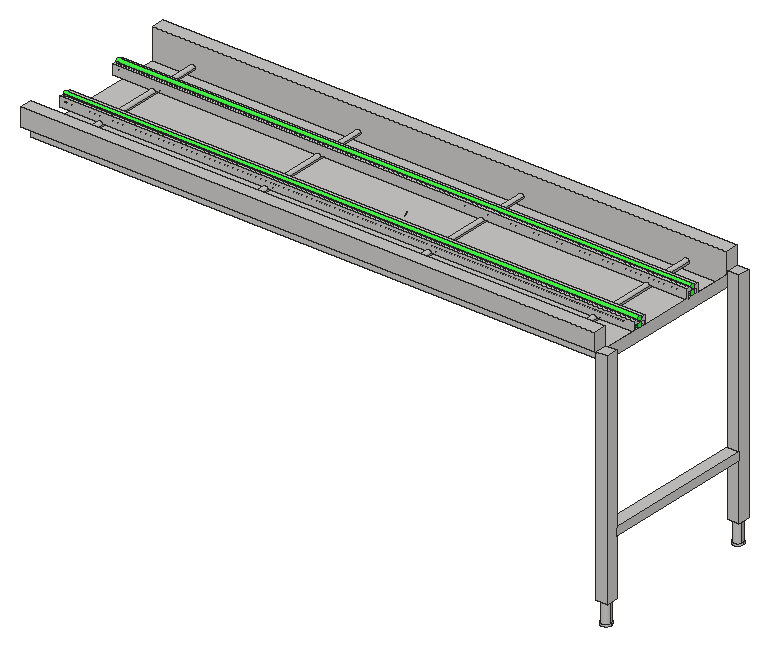
Revit family "QF_ELECTROLUXPROFESSIONAL_863158_HSBCC20", category Specialty Equipment, Revit 2018
Family settings
  Round Connector Dimension = Use Diameter
  Part Type = Normal
  Work Plane-Based = No
  Always vertical = Yes
  Cut with Voids When Loaded = No
  Shared = No
  Room Calculation Point = No
Parameters
  Weight = 0.00 kg
  Watts = 0 W
  Volts = 0 V
  URL Manufacturer = "http://professional.electrolux.com"
  URL = "http://professional.electrolux.com"
  Steam Supply Size = 0 mm
  Steam Supply Minimum Pressure = 0.0 Pa
  Steam Supply Maximum Pressure = 0.0 Pa
  Steam Pounds per Hour = 0
  Refrigeration Suction Line Size = 0 mm
  Refrigeration Liquid Line Size = 0 mm
  Refrigerant Compressor Remote = yes
  Manufacturer = "Electrolux"
  Phase = 0
  Model = "HSBCC20"
  Length Actual = 2000 mm  # constant formula
  Item Number = "863158"
  Hot Water Size = 0 mm
  Height Actual = 910 mm  # constant formula
  HP = "0 HP"
  Gas Size = 0 mm
  Gas KW = 0
  Gas Input Pressure = 0 W
  Description = "CORD CONVEYOR FOR BASKETS, L=2000 MM"
  Depth Actual = 620 mm  # constant formula
  Cycle = 0 Hz
  Condensate Return Size = 0 mm
  Compressed Air Volume = 0.0 L/s
  Compressed Air Size = 0 mm
  Compressed Air Pressure = 0.0 Pa
  Cold Water Size = 0 mm
  Accessory = yes
Reference planes
  plane 1 "Centro (Fronte/Retro)": y = 74.737
  plane 2: z = 0
  plane 3 "LEFT": x = -2438.761
  plane 4 "BACK": y = 384.737
  plane 5 "FRONT": y = -235.263
  plane 6: z = 910
  plane 7 "RIGHT": x = -438.761
  plane 8: x = -1438.761
Forms (mm)
  Extrusion 1, solid, material "QF_Finishes_Stainless Steel"
    sketch origin (11.239, 0, 0) x (0, 1, 0) y (0, 0, 1)
      loop
        line (-235.263, 910) -> (-235.263, 850.033) -> (-190.242, 850.033) -> (-190.242, 910) -> (-235.263, 910)
      loop
        line (384.737, 910) -> (339.716, 910) -> (339.716, 850.033) -> (384.737, 850.033) -> (384.737, 910)
    from -2450 to -451.2
  Extrusion 2, solid, material "QF_Finishes_Stainless Steel"
    sketch origin (11.239, 0, 0) x (0, 1, 0) y (0, 0, 1)
      loop
        line (-191.727, 850.033) -> (-191.727, 800.081) -> (341.245, 800.081) -> (341.245, 850.033) -> (339.716, 850.033) -> (339.716, 803.081) -> (-190.242, 803.081) -> (-190.242, 850.033) -> (-191.727, 850.033)
    from -2450 to -451.2
  Extrusion 3, solid, material "QF_Finishes_Stainless Steel"
    sketch origin (1061.239, 723.253, 4000) x (0, 1, 0) y (0, 0, 1)
      loop
        line (-958.516, -3090) -> (-958.516, -3149.967) -> (-934.752, -3185.632) -> (-915.4, -3185.632) -> (-915.4, -3199.919) -> (-381.633, -3199.919) -> (-381.633, -3185.632) -> (-362.281, -3185.632) -> (-338.516, -3149.967) -> (-338.516, -3090) -> (-383.538, -3090) -> (-383.538, -3161.926) -> (-913.495, -3161.926) -> (-913.495, -3090) -> (-958.516, -3090)
    from -1500 to -1501.2
  Extrusion 4, solid, material "QF_Finishes_Stainless Steel"
    sketch origin (-1477.522, 74.737, 0) x (-1, 0, 0) y (0, 0, -1)
      loop
        line (-1079.929, -300) -> (-1039.929, -300) -> (-1039.929, -270) -> (-1079.929, -270) -> (-1079.929, -300)
    from -266.504 to 266.46
  Revolve 5, solid, material "QF_Finishes_Stainless Steel"
    sketch origin (0, 74.737, 0) x (1, 0, 0) y (0, 0, 1)
      loop
        line (-1515.255, 800.081) -> (-1515.255, 786.333)
        arc (-1515.255, 786.333) -> (-1514.651, 784.73) -> (-1513.151, 783.903) r 2.474
        arc (-1513.151, 783.903) -> (-1509.843, 780.044) -> (-1513.138, 776.173) r 3.913
        arc (-1513.138, 776.173) -> (-1514.648, 775.341) -> (-1515.255, 773.728) r 2.49
        line (-1515.255, 773.728) -> (-1515.255, 733.404)
        arc (-1515.255, 733.404) -> (-1504.605, 702.706) -> (-1477.218, 685.219) r 49.516
        line (-1477.218, 685.219) -> (-1477.218, 682.73) -> (-1476.011, 681.079) -> (-1476.011, 679.492) -> (-1462.231, 673.492) -> (-1462.231, 638.761) -> (-1460.707, 637.3) -> (-1438.761, 637.3) -> (-1438.761, 800.081) -> (-1515.255, 800.081)
      axis (-1438.761, 800.081) -> (-1438.761, 637.3)
    angle from 0 to 360
  Extrusion 6, solid, material "QF_Finishes_Stainless Steel"
    sketch origin (0, 74.737, 0) x (1, 0, 0) y (0, 0, 1)
      loop
        circle (-2298.761, 831.05) r 8.5
    from -265 to 264.979
  Extrusion 7, solid, material "QF_Finishes_Stainless Steel"
    sketch origin (2140, 74.737, 0) x (1, 0, 0) y (0, 0, 1)
      loop
        circle (-2718.761, 831.05) r 8.5
    from -265 to 265
  Extrusion 8, solid, material "QF_Finishes_Stainless Steel"
    sketch origin (-438.761, 0, 0) x (0, 1, 0) y (0, 0, 1)
      loop
        line (-62.763, 869.045) -> (-62.763, 835.05) -> (-60.363, 835.05) -> (-60.363, 857.845) -> (-19.763, 857.845) -> (-19.763, 835.05) -> (-17.763, 835.05) -> (-17.763, 869.045) -> (-30.056, 869.045) -> (-35.275, 860.005) -> (-45.251, 860.005) -> (-50.47, 869.045) -> (-62.763, 869.045)
      loop
        line (212.237, 869.045) -> (199.944, 869.045) -> (194.725, 860.005) -> (184.749, 860.005) -> (179.53, 869.045) -> (167.237, 869.045) -> (167.237, 835.05) -> (169.237, 835.05) -> (169.237, 857.845) -> (209.837, 857.845) -> (209.837, 835.05) -> (212.237, 835.05) -> (212.237, 869.045)
    from 0 to -2000
  Extrusion 9, solid, material "QF_Finishes_Green"
    sketch origin (-438.761, 0, 0) x (0, 1, 0) y (0, 0, 1)
      loop
        circle (-40.263, 868.505) r 7.5
      loop
        circle (-40.263, 848.505) r 7.5
      loop
        circle (189.737, 868.505) r 7.5
      loop
        circle (189.737, 848.505) r 7.5
    from 0 to -2000
  Extrusion 10, solid, material "QF_Finishes_Stainless Steel"
    sketch origin (145, 74.737, 0) x (1, 0, 0) y (0, 0, 1)
      loop
        circle (-1867.594, 831.05) r 8.5
      loop
        circle (-1299.928, 831.05) r 8.5
    from -265 to 264.979
Cuts and joins
  joined: Extrusion 1, Extrusion 2, Extrusion 3, Extrusion 6, Extrusion 7, Extrusion 8, Extrusion 10
Lines and regions (mm)
  Split face 1
    outline origin (-973.782, -239.063, 803.081) x (0, 1, 0) y (-1, 0, 0)
      loop
        circle (313.8, 464.979) r 3
  Split face 2
    outline origin (-973.782, -239.063, 803.081) x (0, 1, 0) y (-1, 0, 0)
      loop
        circle (313.8, 464.979) r 9
  Split face 3
    outline origin (-973.782, -239.063, 803.081) x (0, 1, 0) y (-1, 0, 0)
      loop
        circle (313.8, 464.979) r 26
  Split face 4
    outline origin (-973.782, -239.063, 803.081) x (0, 1, 0) y (-1, 0, 0)
      loop
        circle (313.8, 464.979) r 36
  Split face 5
    outline origin (-973.782, -239.063, 803.081) x (0, 1, 0) y (-1, 0, 0)
      loop
        circle (313.8, 464.979) r 53
  symbolic lines
    curve 1: line (-438.761, 384.737, 0) -> (-2438.761, 384.737, 0)
    curve 2: line (-2438.761, 384.737, 0) -> (-2438.761, -235.263, 0)
    curve 3: line (-2438.761, 339.716, 0) -> (-438.761, 339.716, 0)
    curve 4: line (-2438.761, -235.263, 0) -> (-438.761, -235.263, 0)
    curve 5: line (-438.761, -235.263, 0) -> (-438.761, 384.737, 0)
    curve 6: line (-438.761, -190.242, 0) -> (-2438.761, -190.242, 0)
    curve 7: line (-2438.761, 74.737, 0) -> (-2408.761, 74.737, 0)
    curve 8: line (-438.761, 74.737, 0) -> (-468.761, 74.737, 0)
    curve 9: circle (-1438.761, 74.737, 0) r 23.47 normal (0, 0, 1)
    curve 10: line (-438.761, 212.237, 0) -> (-2438.761, 212.237, 0)
    curve 11: line (-2438.761, 167.237, 0) -> (-438.761, 167.237, 0)
    curve 12: line (-438.761, -17.763, 0) -> (-2438.761, -17.763, 0)
    curve 13: line (-2438.761, -62.763, 0) -> (-438.761, -62.763, 0)
    curve 14: line (-2438.761, -47.763, 0) -> (-438.761, -47.763, 0)
    curve 15: line (-2438.761, -32.763, 0) -> (-438.761, -32.763, 0)
    curve 16: line (-2438.761, 197.237, 0) -> (-438.761, 197.237, 0)
    curve 17: line (-2438.761, 182.237, 0) -> (-438.761, 182.237, 0)
    curve 18: line (-2307.261, 339.716, 0) -> (-2307.261, 212.237, 0)
    curve 19: line (-2290.261, 339.716, 0) -> (-2290.261, 212.237, 0)
    curve 20: line (-2290.261, 167.237, 0) -> (-2290.261, -17.763, 0)
    curve 21: line (-2307.261, 167.237, 0) -> (-2307.261, -17.763, 0)
    curve 22: line (-2307.261, -62.763, 0) -> (-2307.261, -190.242, 0)
    curve 23: line (-2290.261, -62.763, 0) -> (-2290.261, -190.242, 0)
    curve 24: line (-587.261, 339.716, 0) -> (-587.261, 212.237, 0)
    curve 25: line (-570.261, 339.716, 0) -> (-570.261, 212.237, 0)
    curve 26: line (-570.261, 167.237, 0) -> (-570.261, -17.763, 0)
    curve 27: line (-587.261, 167.237, 0) -> (-587.261, -17.763, 0)
    curve 28: line (-587.261, -62.763, 0) -> (-587.261, -190.242, 0)
    curve 29: line (-570.261, -62.763, 0) -> (-570.261, -190.242, 0)
    curve 30: line (-1731.094, 339.716, 0) -> (-1731.094, 212.237, 0)
    curve 31: line (-1714.094, 339.716, 0) -> (-1714.094, 212.237, 0)
    curve 32: line (-1714.094, 167.237, 0) -> (-1714.094, -17.763, 0)
    curve 33: line (-1731.094, 167.237, 0) -> (-1731.094, -17.763, 0)
    curve 34: line (-1731.094, -62.763, 0) -> (-1731.094, -190.242, 0)
    curve 35: line (-1714.094, -62.763, 0) -> (-1714.094, -190.242, 0)
    curve 36: line (-1163.428, 339.716, 0) -> (-1163.428, 212.237, 0)
    curve 37: line (-1146.428, 339.716, 0) -> (-1146.428, 212.237, 0)
    curve 38: line (-1146.428, 167.237, 0) -> (-1146.428, -17.763, 0)
    curve 39: line (-1163.428, 167.237, 0) -> (-1163.428, -17.763, 0)
    curve 40: line (-1163.428, -62.763, 0) -> (-1163.428, -190.242, 0)
    curve 41: line (-1146.428, -62.763, 0) -> (-1146.428, -190.242, 0)
Dimensions and locks
  plane 3 "LEFT" to plane 7 "RIGHT" = 2000 mm
  equal spacing: plane 4 "BACK", plane 1 "Centro (Fronte/Retro)", plane 5 "FRONT"
  plane 4 "BACK" to plane 5 "FRONT" = 620 mm
  equal spacing: plane 3 "LEFT", plane 8, plane 7 "RIGHT"
  locked: Extrusion 6 sketch curve to plane 3 "LEFT" at 140
  locked: plane 7 "RIGHT" to Extrusion 7 sketch curve at 140
  aligned and locked: level to plane 2
  aligned and locked: curve 9 to Revolve 5
  aligned and locked: plane 8 to Split face 5  (x2)
  aligned and locked: plane 8 to Split face 4  (x2)
  aligned and locked: plane 8 to cut or joined group of Extrusion 1, Extrusion 2, Extrusion 3, Extrusion 6, Extrusion 7, Extrusion 8, Extrusion 10  (x4)
  aligned and locked: plane 8 to Split face 3  (x2)
  aligned and locked: plane 8 to Split face 2  (x2)
  aligned and locked: plane 8 to Split face 1  (x2)
  aligned and locked: Extrusion 2 to plane 3 "LEFT"
  aligned and locked: Extrusion 1 to plane 3 "LEFT"
  aligned and locked: Extrusion 8 to plane 3 "LEFT"
  aligned and locked: cut or joined group of Extrusion 1, Extrusion 2, Extrusion 3, Extrusion 6, Extrusion 7, Extrusion 8, Extrusion 10 to plane 3 "LEFT"  (x2)
  aligned and locked: plane 3 "LEFT" to curve 6
  aligned and locked: plane 3 "LEFT" to curve 4
  aligned and locked: Extrusion 9 to plane 3 "LEFT"
Automatic sketch dimensions
  Extrusion 1 sketch curve to plane 5 "FRONT" = 0 mm
  Extrusion 1 sketch curve to plane 6 = 0 mm  (x2)
  Extrusion 1 sketch curve to plane 4 "BACK" = 0 mm
  plane 5 "FRONT" to Extrusion 1 sketch curve = 45.021 mm
  Extrusion 1 sketch curve to plane 4 "BACK" = 45.021 mm
  Extrusion 1 sketch curve to Extrusion 1 sketch curve = 59.967 mm  (x2)
  plane 5 "FRONT" to Extrusion 2 sketch curve = 43.536 mm
  Extrusion 2 sketch curve to Extrusion 2 sketch curve = 1.486 mm
  Extrusion 2 sketch curve to plane 4 "BACK" = 45.021 mm
  Extrusion 2 sketch curve to Extrusion 2 sketch curve = 1.529 mm
  Extrusion 2 sketch curve to plane 6 = 109.919 mm
  Extrusion 2 sketch curve to Extrusion 2 sketch curve = 3 mm
  Extrusion 2 sketch curve to Extrusion 2 sketch curve = 46.952 mm  (x2)
  Extrusion 3 sketch curve to plane 5 "FRONT" = 0 mm
  Extrusion 3 sketch curve to plane 6 = 0 mm  (x2)
  Extrusion 3 sketch curve to plane 4 "BACK" = 0 mm
  plane 5 "FRONT" to Extrusion 3 sketch curve = 23.764 mm
  Extrusion 3 sketch curve to Extrusion 3 sketch curve = 19.352 mm  (x2)
  plane 5 "FRONT" to Extrusion 3 sketch curve = 45.021 mm
  Extrusion 3 sketch curve to plane 4 "BACK" = 45.021 mm
  Extrusion 3 sketch curve to Extrusion 3 sketch curve = 1.905 mm
  Extrusion 3 sketch curve to Extrusion 3 sketch curve = 59.967 mm  (x2)
  Extrusion 3 sketch curve to Extrusion 3 sketch curve = 11.959 mm
  Extrusion 3 sketch curve to Extrusion 3 sketch curve = 23.706 mm  (x2)
  Extrusion 3 sketch curve to Extrusion 3 sketch curve = 14.287 mm
  Extrusion 4 sketch curve to plane 7 "RIGHT" = 41.168 mm
  Extrusion 4 sketch curve to plane 7 "RIGHT" = 1.168 mm
  Extrusion 4 sketch curve to level = 270 mm
  Extrusion 4 sketch curve to Extrusion 4 sketch curve = 30 mm
  Extrusion 6 sketch curve to plane 6 = 78.95 mm
  Extrusion 7 sketch curve to plane 6 = 78.95 mm
  plane 1 "Centro (Fronte/Retro)" to Extrusion 8 sketch curve = 137.5 mm
  Extrusion 8 sketch curve to Extrusion 8 sketch curve = 2.4 mm  (x2)
  Extrusion 8 sketch curve to plane 6 = 40.955 mm  (x3)
  Extrusion 8 sketch curve to Extrusion 8 sketch curve = 12.293 mm  (x2)
  Extrusion 8 sketch curve to Extrusion 8 sketch curve = 5.219 mm  (x4)
  Extrusion 8 sketch curve to Extrusion 8 sketch curve = 9.976 mm  (x2)
  Extrusion 8 sketch curve to Extrusion 8 sketch curve = 10.293 mm
  Extrusion 8 sketch curve to Extrusion 8 sketch curve = 2 mm  (x2)
  Extrusion 8 sketch curve to plane 1 "Centro (Fronte/Retro)" = 92.5 mm
  Extrusion 8 sketch curve to plane 6 = 49.995 mm
  Extrusion 8 sketch curve to Extrusion 8 sketch curve = 9.893 mm
  Extrusion 8 sketch curve to Extrusion 8 sketch curve = 11.2 mm
  Extrusion 8 sketch curve to Extrusion 8 sketch curve = 2.16 mm
  Extrusion 8 sketch curve to Extrusion 8 sketch curve = 22.795 mm  (x4)
  Extrusion 8 sketch curve to Extrusion 8 sketch curve = 9.04 mm  (x2)
  plane 1 "Centro (Fronte/Retro)" to Extrusion 9 sketch curve = 115 mm
  Extrusion 9 sketch curve to Extrusion 9 sketch curve = 0 mm  (x2)
  Extrusion 9 sketch curve to plane 1 "Centro (Fronte/Retro)" = 115 mm
  Extrusion 9 sketch curve to plane 6 = 61.495 mm  (x2)
  Extrusion 9 sketch curve to Extrusion 9 sketch curve = 20 mm  (x2)
  plane 1 "Centro (Fronte/Retro)" to curve 7 = 0 mm
  plane 1 "Centro (Fronte/Retro)" to curve 8 = 0 mm
  curve 15 to plane 7 "RIGHT" = 0 mm
  curve 4 to plane 5 "FRONT" = 0 mm
  curve 2 to plane 4 "BACK" = 0 mm
  plane 3 "LEFT" to curve 7 = 30 mm
  curve 18 to plane 4 "BACK" = 45.021 mm
  plane 3 "LEFT" to curve 18 = 131.5 mm
  plane 5 "FRONT" to curve 22 = 45.021 mm
  plane 3 "LEFT" to curve 22 = 131.5 mm
  curve 21 to curve 18 = 0 mm
  curve 18 to curve 19 = 17 mm
  curve 21 to curve 20 = 17 mm
  curve 22 to curve 23 = 17 mm
  curve 33 to plane 1 "Centro (Fronte/Retro)" = 92.5 mm
  curve 33 to plane 8 = 292.333 mm
  curve 34 to curve 33 = 0 mm
  curve 30 to curve 33 = 0 mm
  curve 34 to curve 35 = 17 mm
  curve 30 to curve 31 = 17 mm
  curve 33 to curve 32 = 17 mm
  curve 36 to plane 1 "Centro (Fronte/Retro)" = 137.5 mm
  plane 8 to curve 36 = 275.333 mm
  plane 8 to curve 40 = 275.333 mm
  curve 39 to curve 40 = 0 mm
  curve 36 to curve 37 = 17 mm
  curve 39 to curve 38 = 17 mm
  curve 40 to curve 41 = 17 mm
  curve 28 to plane 7 "RIGHT" = 148.5 mm
  curve 24 to plane 7 "RIGHT" = 148.5 mm
  curve 27 to curve 28 = 0 mm
  curve 27 to curve 26 = 17 mm
  curve 24 to curve 25 = 17 mm
  curve 28 to curve 29 = 17 mm
  curve 8 to plane 7 "RIGHT" = 30 mm
  curve 35 to curve 35 = 127.479 mm
  curve 13 to curve 14 = 15 mm
  curve 14 to curve 15 = 15 mm
  curve 15 to curve 12 = 15 mm
  curve 11 to curve 17 = 15 mm
  curve 16 to curve 10 = 15 mm
  Revolve 5 sketch curve to plane 8 = 0 mm  (x2)
  Revolve 5 sketch curve to Revolve 5 sketch curve = 21.946 mm
  Revolve 5 sketch curve to Revolve 5 sketch curve = 1.524 mm
  Revolve 5 sketch curve to plane 8 = 26.978 mm
  Revolve 5 sketch curve to Revolve 5 sketch curve = 13.78 mm
  Revolve 5 sketch curve to Revolve 5 sketch curve = 1.206 mm
  Revolve 5 sketch curve to Revolve 5 sketch curve = 47.026 mm
  Revolve 5 sketch curve to Revolve 5 sketch curve = 0.016 mm  (x3)
  Revolve 5 sketch curve to Revolve 5 sketch curve = 0.976 mm
  Revolve 5 sketch curve to Revolve 5 sketch curve = 2.474 mm
  Revolve 5 sketch curve to Revolve 5 sketch curve = 2.49 mm
  Revolve 5 sketch curve to Revolve 5 sketch curve = 0 mm
  Revolve 5 sketch curve to plane 6 = 272.7 mm
  Revolve 5 sketch curve to Revolve 5 sketch curve = 1.461 mm
  Revolve 5 sketch curve to Revolve 5 sketch curve = 34.731 mm
  Revolve 5 sketch curve to Revolve 5 sketch curve = 6 mm
  Revolve 5 sketch curve to Revolve 5 sketch curve = 1.588 mm
  Revolve 5 sketch curve to Revolve 5 sketch curve = 1.651 mm
  Revolve 5 sketch curve to Revolve 5 sketch curve = 2.488 mm
  Revolve 5 sketch curve to Revolve 5 sketch curve = 48.167 mm
  Revolve 5 sketch curve to Revolve 5 sketch curve = 40.307 mm
  Revolve 5 sketch curve to Revolve 5 sketch curve = 6.326 mm
  Revolve 5 sketch curve to Revolve 5 sketch curve = 6.296 mm
  Revolve 5 sketch curve to Revolve 5 sketch curve = 13.748 mm
  Revolve 5 sketch curve to Revolve 5 sketch curve = 0.373 mm
  Revolve 5 sketch curve to Revolve 5 sketch curve = 38.557 mm
  plane 6 to Revolve 5 sketch curve = 8.743 mm
  cut or joined group of Extrusion 1, Extrusion 2, Extrusion 3, Extrusion 6, Extrusion 7, Extrusion 8, Extrusion 10 to Split face 1 sketch curve = 264.979 mm
  cut or joined group of Extrusion 1, Extrusion 2, Extrusion 3, Extrusion 6, Extrusion 7, Extrusion 8, Extrusion 10 to Split face 1 sketch curve = 998.8 mm
  cut or joined group of Extrusion 1, Extrusion 2, Extrusion 3, Extrusion 6, Extrusion 7, Extrusion 8, Extrusion 10 to Split face 2 sketch curve = 264.979 mm
  cut or joined group of Extrusion 1, Extrusion 2, Extrusion 3, Extrusion 6, Extrusion 7, Extrusion 8, Extrusion 10 to Split face 2 sketch curve = 998.8 mm
  cut or joined group of Extrusion 1, Extrusion 2, Extrusion 3, Extrusion 6, Extrusion 7, Extrusion 8, Extrusion 10 to Split face 3 sketch curve = 264.979 mm
  cut or joined group of Extrusion 1, Extrusion 2, Extrusion 3, Extrusion 6, Extrusion 7, Extrusion 8, Extrusion 10 to Split face 3 sketch curve = 998.8 mm
  cut or joined group of Extrusion 1, Extrusion 2, Extrusion 3, Extrusion 6, Extrusion 7, Extrusion 8, Extrusion 10 to Split face 4 sketch curve = 264.979 mm
  cut or joined group of Extrusion 1, Extrusion 2, Extrusion 3, Extrusion 6, Extrusion 7, Extrusion 8, Extrusion 10 to Split face 4 sketch curve = 998.8 mm
  cut or joined group of Extrusion 1, Extrusion 2, Extrusion 3, Extrusion 6, Extrusion 7, Extrusion 8, Extrusion 10 to Split face 5 sketch curve = 264.979 mm
  cut or joined group of Extrusion 1, Extrusion 2, Extrusion 3, Extrusion 6, Extrusion 7, Extrusion 8, Extrusion 10 to Split face 5 sketch curve = 998.8 mm
  Extrusion 10 sketch curve to plane 6 = 78.95 mm  (x2)
  Extrusion 10 sketch curve to plane 8 = 283.833 mm
  plane 8 to Extrusion 10 sketch curve = 283.833 mm
  radius of Extrusion 6 sketch curve = 8.5 mm
  radius of Extrusion 7 sketch curve = 8.5 mm
  radius of Extrusion 9 sketch curve = 7.5 mm  (x4)
  radius of Split face 1 sketch curve = 3 mm
  radius of Split face 2 sketch curve = 9 mm
  radius of Split face 3 sketch curve = 26 mm
  radius of Split face 4 sketch curve = 36 mm
  radius of Split face 5 sketch curve = 53 mm
  radius of Extrusion 10 sketch curve = 8.5 mm  (x2)
Nested families
  nested 1: "Foot_40x40" at (-417.593, 361.245, 0) x (-1, 0, 0) z (0, 0, 1), type "Foot_40x40"
    with A 850.033 mm
  nested 2: "Foot_40x40" at (-417.593, -211.771, 0) x (-1, 0, 0) z (0, 0, 1), type "Foot_40x40"
    with A 850.033 mm
Connectors
  piping at (-1438.761, 74.737, 637.3), diameter 40
    settings: on Revolve 5, index 1, connector inside diameter 609.6 mm, connector length 0 mm, flow factor 0, pipe flow 0.0 L/s, pressure drop 0.0 Pa, fitting loss kfactor 0, connector angle 0.00°, fixture units 0, engagement length 0 mm, angle of deflection 0.00°, flow configuration 1, flow direction 2, fitting loss method 0, system type 16, joint type 0, gender type 0, connector reference index -1, connector utility 0, adjustable connector no, is connector primary yes, connector description "Drain"
Definition of nested family "Foot_40x40"
  Parameters
    A [instance] = 850 mm
  Reference planes
    plane 1 "Centro (Fronte/Retro)": y = 0
    plane 2: z = 0
    plane 3 "Centro (Sinistra/Destra)": x = 0
    plane 4: z = 850
  Forms (mm)
    Extrusion 1, solid
      sketch origin (0, 0, 0) x (1, 0, 0) y (0, 1, 0)
        loop
          circle (0, 0) r 18
      from 0 to 5
    Extrusion 2, solid
      sketch origin (0, 0, 5) x (1, 0, 0) y (0, 1, 0)
        loop
          circle (0, 0) r 15
      from 0 to 70
    Extrusion 3, solid
      sketch origin (0, 0, 75) x (1, 0, 0) y (0, 1, 0)
        loop
          line (-20, 20) -> (-20, -20) -> (20, -20) -> (20, 20) -> (-20, 20)
      from 0 to 775
  Dimensions and locks
    "A": plane 4 to plane 2
    aligned and locked: level to plane 2
    aligned and locked: plane 4 to Extrusion 3
    aligned and locked: Extrusion 1 to level
  Automatic sketch dimensions
    plane 1 "Centro (Fronte/Retro)" to Extrusion 1 sketch curve = 0 mm
    Extrusion 1 sketch curve to plane 3 "Centro (Sinistra/Destra)" = 0 mm
    Extrusion 3 sketch curve to Extrusion 3 sketch curve = 40 mm  (x2)
    radius of Extrusion 1 sketch curve = 18 mm
    radius of Extrusion 2 sketch curve to Extrusion 1 = 3 mm
